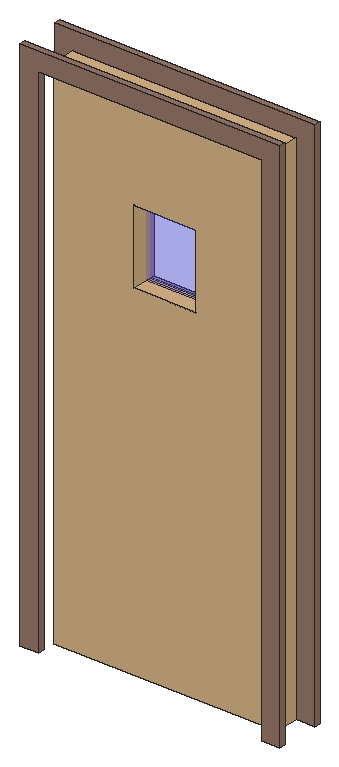
Revit family
Parameters (values of type "0915 x 2134mm")
  Thickness = 100.00 mm
  문 재료 = 문 - 패널
  프레임 재료 = 문 - 프레임
  Height = 2134.00 mm
  자르기 투영 = 25.00 mm
  자르기 폭 외부 = 76.00 mm
  자르기 폭 내부 = 76.00 mm
  Wall Closure = (empty or 0)
  Width = 915.00 mm
Types (8, lengths in mm): name | Height | Width
  0915 x 2134mm | 2134.00 | 915.00
  0864 x 2134mm | 2134.00 | 864.00
  0813 x 2134mm | 2134.00 | 813.00
  0762 x 2134mm | 2134.00 | 762.00
  0762 x 2032mm | 2032.00 | 762.00
  0915 x 2032mm | 2032.00 | 915.00
  0864 x 2032mm | 2032.00 | 864.00
  0610 x 2083mm | 2083.00 | 610.00
Reference planes
  plane 1: y = 0
  plane 2: z = 0
  plane 3: x = 0
  plane 4: x = -457.5
  plane 5: x = 457.5
  plane 6: z = 2134
  plane 7: x = -127
  plane 8: x = 127
  plane 9: z = 1727.2
  plane 10: z = 1422.4
Forms (mm)
  Extrusion 1, solid, material "문 - 패널" <- "문 재료"
    sketch origin (-1524, -76.2, 0) x (1, 0, 0) y (0, 0, 1)
      loop
        line (1981.5, 2134) -> (1066.5, 2134) -> (1066.5, 0) -> (1981.5, 0) -> (1981.5, 2134)
      loop
        line (1651, 1727.2) -> (1397, 1727.2) -> (1397, 1422.4) -> (1651, 1422.4) -> (1651, 1727.2)
    from -152.4 to -52.4
  Extrusion 2, solid, material "유리"
    sketch origin (-1524, -23.8, 0) x (1, 0, 0) y (0, 0, 1)
      loop
        line (1651, 1727.2) -> (1397, 1727.2) -> (1397, 1422.4) -> (1651, 1422.4) -> (1651, 1727.2)
    from -87.3 to -80.95
  Extrusion 3, solid, material "유리"
    sketch origin (-1524, -23.8, 0) x (1, 0, 0) y (0, 0, 1)
      loop
        line (1397, 1727.2) -> (1397, 1422.4) -> (1651, 1422.4) -> (1651, 1727.2) -> (1397, 1727.2)
    from -68.25 to -61.9
  Extrusion 4, solid, material "문 - 프레임" <- "프레임 재료"
    sketch origin (-1524, -76.2, 0) x (1, 0, 0) y (0, 0, 1)
      loop
        line (1066.5, 2134) -> (1981.5, 2134) -> (1981.5, 0) -> (2057.5, 0) -> (2057.5, 2210) -> (990.5, 2210) -> (990.5, 0) -> (1066.5, 0) -> (1066.5, 2134)
    from 0 to 25
  Extrusion 5, solid, material "문 - 프레임" <- "프레임 재료"
    sketch origin (-1524, 76.2, 0) x (-1, 0, 0) y (0, 0, 1)
      loop
        line (-2057.5, 2210) -> (-2057.5, 0) -> (-1981.5, 0) -> (-1981.5, 2134) -> (-1066.5, 2134) -> (-1066.5, 0) -> (-990.5, 0) -> (-990.5, 2210) -> (-2057.5, 2210)
    from 0.4 to 25.4
Lines and regions (mm)
  Opening 1
    outline origin (-1524, -76.2, 3657.6) x (0, 0, -1) y (1, 0, 0)
      loop
        line (1523.6, 1066.5) -> (3657.6, 1066.5) -> (3657.6, 1981.5) -> (1523.6, 1981.5) -> (1523.6, 1066.5)
  symbolic lines, style "평면 스윙"
    curve 1: arc (457.5, 991.2, 0) -> (-189.503, 723.203, 0) -> (-457.5, 76.2, 0) r 915
  symbolic lines, style "DoorsPanelProjection"
    curve 2: line (457.5, 76.2, 0) -> (357.5, 76.2, 0)
    curve 3: line (457.5, 76.2, 0) -> (457.5, 991.2, 0)
    curve 4: line (457.5, 991.2, 0) -> (357.5, 991.2, 0)
    curve 5: line (357.5, 76.2, 0) -> (357.5, 991.2, 0)
  symbolic lines, style "입면도 스윙"
    curve 6: line (-457.5, 0, 2134) -> (457.5, 0, 1067)
    curve 7: line (457.5, 0, 1067) -> (-457.5, 0, 0)
Dimensions and locks
  equal spacing: plane 4, plane 3, plane 5
  "Width": plane 4 to plane 5
  host wall to curve 1 = 0.00 mm
  "Height": plane 6 to plane 2
  locked: plane 10 to host wall at 1422.4
  locked: plane 9 to plane 10 at 304.8
  equal spacing: plane 7, plane 3, plane 8, locked at 127 each
  Extrusion 1 to Extrusion 2 to Extrusion 2 to Extrusion 3 to Extrusion 3 = 12.70 mm locked, 6.35 mm locked, 12.70 mm locked, 6.35 mm locked
  "Thickness": Extrusion 1 to Extrusion 1
  "자르기 투영": Extrusion 4 to Extrusion 4
  "자르기 투영": Extrusion 5 to Extrusion 5
  "자르기 폭 내부": Extrusion 5 sketch curve to plane 4
  "자르기 폭 내부": plane 5 to Extrusion 5 sketch curve
  "자르기 폭 내부": plane 6 to Extrusion 5 sketch curve
  "자르기 폭 외부": plane 5 to Extrusion 4 sketch curve
  "자르기 폭 외부": Extrusion 4 sketch curve to plane 4
  "자르기 폭 외부": Extrusion 4 sketch curve to plane 6
  "Thickness": curve 5 to curve 3
  locked: plane 7 to plane 8 at 254
  equal spacing: plane 6, curve 7, level
  aligned and locked: plane 5 to Extrusion 1 sketch curve
  aligned and locked: Extrusion 1 sketch curve to plane 6
  aligned and locked: plane 4 to Extrusion 1 sketch curve
  aligned and locked: plane 8 to Extrusion 1 sketch curve
  aligned and locked: Extrusion 1 sketch curve to plane 9
  aligned and locked: plane 10 to Extrusion 1 sketch curve
  aligned and locked: plane 7 to Extrusion 1 sketch curve
  aligned and locked: Extrusion 2 sketch curve to Extrusion 1  (x4)
  aligned and locked: plane 7 to Extrusion 3 sketch curve
  aligned and locked: plane 9 to Extrusion 3 sketch curve
  aligned and locked: Extrusion 3 sketch curve to Extrusion 1  (x2)
  aligned and locked: host wall to Extrusion 1
  aligned and locked: Extrusion 4 to host wall
Automatic sketch dimensions
  Opening 1 sketch curve to plane 6 = 0.00 mm
  Opening 1 sketch curve to level = 0.00 mm
  Opening 1 sketch curve to plane 4 = 0.00 mm
  Opening 1 sketch curve to plane 5 = 0.00 mm
  curve 1 to plane 4 = 0.00 mm
  curve 3 to plane 5 = 0.00 mm
  curve 3 to curve 1 = 0.00 mm
  Extrusion 4 sketch curve to level = 0.00 mm  (x2)
  Extrusion 4 sketch curve to plane 4 = 0.00 mm
  Extrusion 4 sketch curve to plane 5 = 0.00 mm
  Extrusion 4 sketch curve to plane 6 = 0.00 mm
  Extrusion 5 sketch curve to level = 0.00 mm  (x2)
  Extrusion 5 sketch curve to plane 5 = 0.00 mm
  Extrusion 5 sketch curve to plane 4 = 0.00 mm
  Extrusion 5 sketch curve to plane 6 = 0.00 mm
  curve 6 to plane 4 = 0.00 mm
  curve 6 to plane 6 = 0.00 mm
  curve 6 to plane 5 = 0.00 mm
  curve 7 to level = 0.00 mm
  curve 7 to plane 4 = 0.00 mm
